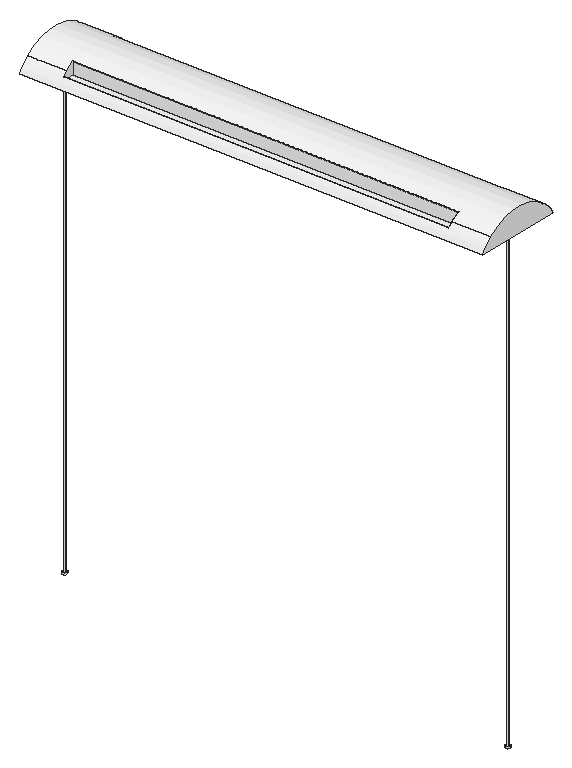
Revit family "59-P-I", category Lighting Fixtures, host Face, Revit 2013
Parameters (values of type "59-P-I-Matte White")
  Wattage = 123 W
  built-in parameter 1150110 = 1 (stored number, unit not read)
  Voltage = 120 V
  built-in parameter 1114217 = 1 (stored number, unit not read)
  Tilt Angle = 90.00°
  built-in parameter 1150109 = 1 (stored number, unit not read)
  built-in parameter 1150134 = (empty or 0)
  Suspension Height [instance] = 48.0"
  Wattage Comments = ""
  URL = "http://www.aleralighting.com/"
  built-in parameter 1150113 = 1 (stored number, unit not read)
  Product Page URL = "http://www.litecontrol.com/products/59-p-i"
  Product Documentation Link = "http://cdn.litecontrol.com/content/products/specs/specs_files/59_p_i.pdf"
  Power Factor = 1
  Photometric Web Link = "http://www.hubbelllighting.com/litecontrol_photometry/index.php?p=Pendant/59-P%20Arcos%20Pendant%20Indirect/"
  Photometric Web File = "59-P-I-04-SGL-Cx-2T5HO.ies"
  Photometric Notes = "More IES files download Photometric Web Link"  # constant formula
  Nominal Watts = 123 W
  Mounting = "Pendant"
  Model = "59-P-I"  # constant formula
  Manufacturer Phone = "864-678-1000"  # constant formula
  Manufacturer Fax = "866-898-1065"  # constant formula
  Manufacturer = "Alera Lighting"  # constant formula
  Row Length [instance] = 48.0"
  built-in parameter 1150105 = 397.98 (stored number, unit not read)
  Lumens = 5001.18 lm
  built-in parameter 1150115 = 1 (stored number, unit not read)
  Load Classification = Lighting
  built-in parameter 1150137 = (empty or 0)
  built-in parameter 1150139 = (empty or 0)
  built-in parameter 1150112 = 1 (stored number, unit not read)
  built-in parameter 1150114 = 1 (stored number, unit not read)
  Lamp = "LED Lamp"
  built-in parameter 1150132 = (empty or 0)
  built-in parameter 1150102 = (empty or 0)
  built-in parameter 1150107 = 3000 (stored number, unit not read)
  built-in parameter 1150138 = (empty or 0)
  built-in parameter 1150106 = 3.9798 (stored number, unit not read)
  Glass = Hubbell-White Glass
  Emit from Rectangle Width = 42.0"  # constant formula
  Emit from Rectangle Length = 8.0"  # constant formula
  Emit Shape Visible in Rendering = no
  built-in parameter 1150104 = 3.7774 (stored number, unit not read)
  Dimming Lamp Color Temperature Shift = <None>
  Description = "Arcos Pendant Indirect"  # constant formula
  Default Elevation = 48.0"
  Color Filter = 16777215
  built-in parameter 1114218 = 1 (stored number, unit not read)
  Backbox = Hubbell-Matte White
  built-in parameter 1150133 = 10 (stored number, unit not read)
  Assembly Code = "D5020210"
  Apparent Load = Nominal Watts / Power Factor  # 123 VA
Types (3): name | Tilt Angle | Row Length | Backbox
  (no name) | 90.00° | 48.0" | Hubbell-Matte White
  59-P-I-Camera Black | -90.00° | 96.0" | Hubbell-Camera Black
  59-P-I-Matte White | 90.00° | 48.0" | Hubbell-Matte White
Reference planes (in)
  plane 1 "Center (Front/Back)": y = 0.03999
  plane 2: z = 0
  plane 3 "Center (Left/Right)": x = 1.66944
  plane 4: x = -22.33056
  plane 5: x = 25.66944
  plane 6: z = 48
  plane 7: x = -21.33056
  plane 8: x = 24.66944
Forms (in)
  Revolve 1, solid, material "Hubbell-Matte White" <- "Backbox"
    sketch origin (0, 0.03999, 0) x (1, 0, 0) y (0, 0, 1)
      loop
        line (-21.33056, 48) -> (-21.33056, 0) -> (-21.08056, 0) -> (-21.08056, 0.1) -> (-21.23056, 0.1) -> (-21.23056, 47.9) -> (-21.08056, 47.9) -> (-21.08056, 48) -> (-21.33056, 48)
      axis (-21.33056, 48) -> (-21.33056, 0)
    angle from 0 to 360
  Revolve 2, solid, material "Hubbell-Matte White" <- "Backbox"
    sketch origin (0, 0.03999, 0) x (1, 0, 0) y (0, 0, 1)
      loop
        line (24.66944, 48) -> (24.66944, 0) -> (24.91944, 0) -> (24.91944, 0.1) -> (24.76944, 0.1) -> (24.76944, 47.9) -> (24.91944, 47.9) -> (24.91944, 48) -> (24.66944, 48)
      axis (24.66944, 48) -> (24.66944, 0)
    angle from 0 to 360
Dimensions and locks (in)
  equal spacing: plane 5, plane 3 "Center (Left/Right)", plane 4
  "Suspension Height": plane 6 to level
  equal spacing: plane 8, plane 3 "Center (Left/Right)", plane 7
  locked: plane 7 to plane 4 at 1
  "Row Length": plane 5 to plane 4
  locked: Revolve 1 sketch curve to plane 7 at 0.1
  locked: Revolve 1 sketch curve to plane 7 at 0.25
  locked: Revolve 1 sketch curve to level at 0.1
  locked: Revolve 1 sketch curve to Revolve 1 sketch curve at 0.1
  locked: plane 8 to Revolve 2 sketch curve at 0.1
  locked: plane 8 to Revolve 2 sketch curve at 0.25
  locked: plane 6 to Revolve 2 sketch curve at 0.1
  locked: Revolve 2 sketch curve to level at 0.1
  locked: imposter light to plane 6 at 1.2
  aligned and locked: plane 2 to host face
  aligned and locked: level to host face
  aligned and locked: Revolve 1 sketch curve to plane 7
  aligned and locked: Revolve 1 sketch curve to plane 6
  aligned and locked: host face to Revolve 1 sketch curve
  aligned and locked: Revolve 1 sketch curve to Revolve 1 sketch curve  (x2)
  aligned and locked: Revolve 2 sketch curve to Revolve 2 sketch curve  (x2)
  aligned and locked: plane 8 to Revolve 2 sketch curve
  aligned and locked: plane 3 "Center (Left/Right)" to nested 1
  aligned and locked: plane 1 "Center (Front/Back)" to nested 1
  aligned and locked: imposter light to plane 3 "Center (Left/Right)"
  aligned and locked: imposter light to plane 1 "Center (Front/Back)"
Automatic sketch dimensions
  host sketch curve to host sketch curve = 96.0"  (x2)
  Revolve 1 sketch curve to level = 8.0"
  Revolve 1 sketch curve to Revolve 1 sketch curve = 2.5"
  Revolve 2 sketch curve to level = 0.0"
  Revolve 2 sketch curve to plane 6 = 0.0"
  Revolve 2 sketch curve to Revolve 2 sketch curve = 8.0"
  Revolve 2 sketch curve to Revolve 2 sketch curve = 2.5"
Nested families (in)
  nested 1: "Arcos LED" at (3.71711, 0, 48), type "Arcos LED"
Connectors (in)
  electrical at (-21.33056, 0.03999, 0), driven by "Load Classification", driven by "Voltage", driven by "Apparent Load", driven by "Power Factor"
    settings: on Revolve 1, index 1, voltage 120 V, apparent load 123 VA, apparent load phase1 0 VA, apparent load phase2 0 VA, apparent load phase3 0 VA, power factor 1, load classification "Lighting", number of poles 1, system type 30, power factor state 1, is connector primary yes, connector utility no, sub classification motor no, connector description "Lighting Connector"
Definition of nested family "Arcos LED"
  Parameters (values of type "Arcos LED")
    Wattage Comments = ""
    URL = "http://www.aleralighting.com/"
    Row Length = 48.0"
    Product Page URL = ""
    Product Documentation Link = ""
    Model = ""
    Manufacturer Phone = "(864)-678-1000"  # constant formula
    Manufacturer Fax = "(866)-898-1065"  # constant formula
    Manufacturer = "Alera Lighting"  # constant formula
    Lamp = ""
    Glass = none
    Description = ""
    Default Elevation = 48.0"
    Backbox = none
  Reference planes (in)
    plane 1 "Center (Front/Back)": y = 0.03999
    plane 2: z = 0
    plane 3 "Center (Left/Right)": x = -2.04767
    plane 4: x = -26.04767
    plane 5: x = 21.95233
    plane 6: z = 2.5
    plane 7: z = 1.25
    plane 8: z = 0.5
    plane 9: z = 0.9
    plane 10: x = -22.04767
    plane 11: x = 17.95233
    plane 12: y = 2.28999
    plane 13: y = -2.21001
    plane 14: y = 4.53999
    plane 15: y = -4.46001
  Forms (in)
    Extrusion 1, solid
      sketch origin (0, 0, 0.06357) x (1, 0, 0) y (0, 1, 0)
        loop
          line (-48, 48) -> (-48, -48) -> (48, -48) -> (48, 48) -> (-48, 48)
      from -0.06357 to -17.74365
    Extrusion 2, solid, material <- "Backbox"
      sketch origin (-2.04767, 0, 0) x (0, 1, 0) y (0, 0, 1)
        loop
          arc (4.53999, 0) -> (4.10586, 0.6777) -> (3.53999, 1.25) r 3.83941
          arc (3.53999, 1.25) -> (0.03999, 2.5) -> (-3.46001, 1.25) r 5.525
          arc (-3.46001, 1.25) -> (-4.02588, 0.6777) -> (-4.46001, 0) r 3.83941
          line (-4.46001, 0) -> (4.53999, 0)
      from -24 to 24
    Extrusion 3, void
      sketch origin (-2.04767, 0, 0) x (0, 1, 0) y (0, 0, 1)
        loop
          line (3.93193, 1.91229) -> (2.67614, 1.91229) -> (2.67614, 0.5) -> (3.93193, 0.5) -> (3.93193, 1.91229)
        loop
          line (-3.85195, 1.91229) -> (-3.85195, 0.5) -> (-2.59615, 0.5) -> (-2.59615, 1.91229) -> (-3.85195, 1.91229)
      from -20 to 20
    Extrusion 4, solid, material <- "Glass"
      sketch origin (-2.04767, 0, 0) x (0, 1, 0) y (0, 0, 1)
        loop
          arc (3.93193, 0.84195) -> (3.33858, 1.36655) -> (2.67614, 1.80064) r 5.50911
          line (2.67614, 1.80064) -> (2.67614, 1.709)
          arc (2.67614, 1.709) -> (3.34028, 1.26429) -> (3.93193, 0.72688) r 5.42927
          line (3.93193, 0.72688) -> (3.93193, 0.84195)
        loop
          line (-3.85195, 0.84143) -> (-3.85195, 0.72633)
          arc (-3.85195, 0.72633) -> (-3.2605, 1.26365) -> (-2.59657, 1.70834) r 5.42905
          line (-2.59657, 1.70834) -> (-2.59657, 1.80001)
          arc (-2.59657, 1.80001) -> (-3.2588, 1.36594) -> (-3.85195, 0.84143) r 5.50891
      from -20 to 20
  Cuts and joins
    Extrusion 3 cuts Extrusion 2
  Dimensions and locks (in)
    equal spacing: plane 5, plane 3 "Center (Left/Right)", plane 4
    "Row Length": plane 5 to plane 4
    locked: plane 6 to plane 2 at 2.5
    locked: plane 7 to level at 1.25
    locked: plane 8 to plane 2 at 0.5
    locked: plane 9 to plane 2 at 0.9
    equal spacing: plane 11, plane 3 "Center (Left/Right)", plane 10
    locked: plane 10 to plane 4 at 4
    equal spacing: plane 12, plane 1 "Center (Front/Back)", plane 13
    aligned and locked: plane 2 to Extrusion 1
    aligned and locked: level to Extrusion 1
    aligned and locked: Extrusion 2 sketch curve to level
    aligned and locked: plane 7 to Extrusion 2 sketch curve  (x2)
    aligned and locked: Extrusion 2 to plane 4
    aligned and locked: plane 11 to Extrusion 3
    aligned and locked: Extrusion 3 to plane 10
    aligned and locked: plane 11 to Extrusion 4
    aligned and locked: Extrusion 4 to plane 10
    aligned and locked: plane 5 to Extrusion 2
    aligned and locked: cut or joined group of Extrusion 2, Extrusion 3 to Extrusion 4
  Automatic sketch dimensions
    Extrusion 1 sketch curve to Extrusion 1 sketch curve = 96.0"  (x2)
    Extrusion 2 sketch curve to plane 7 = 0.0"  (x2)
    Extrusion 2 sketch curve to plane 14 = 0.0"
    plane 1 "Center (Front/Back)" to Extrusion 2 sketch curve = 1.0678"
    Extrusion 2 sketch curve to plane 15 = 0.0"
    Extrusion 2 sketch curve to plane 1 "Center (Front/Back)" = 0.0"
    Extrusion 2 sketch curve to Extrusion 2 sketch curve = 1.0"
    Extrusion 3 sketch curve to plane 8 = 0.0"  (x2)
    plane 15 to Extrusion 3 sketch curve = 0.60806"
    Extrusion 3 sketch curve to plane 6 = 0.58771"  (x2)
    plane 13 to Extrusion 3 sketch curve = 0.38614"
    Extrusion 3 sketch curve to plane 12 = 0.38614"
    plane 14 to Extrusion 3 sketch curve = 0.60806"
    Extrusion 4 sketch curve to plane 9 = 0.17367"
    plane 15 to Extrusion 4 sketch curve = 0.60806"
    Extrusion 4 sketch curve to plane 9 = 0.17312"
    plane 13 to Extrusion 4 sketch curve = 0.38656"
    Extrusion 4 sketch curve to plane 12 = 0.38614"
    plane 14 to Extrusion 4 sketch curve = 0.60806"
    plane 1 "Center (Front/Back)" to Extrusion 4 sketch curve = 0.04437"
    Extrusion 4 sketch curve to Extrusion 4 sketch curve = 0.00003"
    Extrusion 4 sketch curve to plane 1 "Center (Front/Back)" = 0.04448"
    Extrusion 4 sketch curve to Extrusion 4 sketch curve = 0.00004"
    Extrusion 4 sketch curve to plane 9 = 0.05805"
    Extrusion 4 sketch curve to plane 9 = 0.05857"
    Extrusion 4 sketch curve to Extrusion 4 sketch curve = 0.86705"
    Extrusion 4 sketch curve to Extrusion 4 sketch curve = 0.86691"
    Extrusion 4 sketch curve to Extrusion 4 sketch curve = 0.09164"
    Extrusion 4 sketch curve to Extrusion 4 sketch curve = 0.09166"
